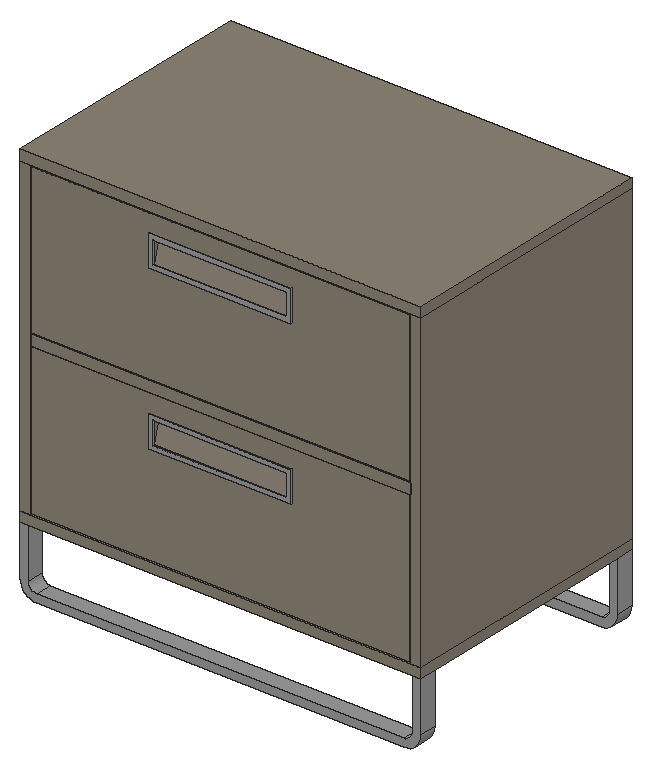
Revit family "Nightstand", category Furniture, Revit 2017
Family settings
  OmniClass Number = 23.40.20.00
  OmniClass Title = General Furniture and Specialties
  Work Plane-Based = No
  Always vertical = Yes
  Cut with Voids When Loaded = No
  Shared = No
  Room Calculation Point = No
Parameters
  frame = wood grain
  drawer fronts = wood grain
  Legs = brush nickel
Reference planes (in)
  plane 1 "Center Front/Back": y = 0
  plane 2: z = 0
  plane 3 "Center Left/Right": x = 0
  plane 4 "Back": y = 7.875
  plane 5 "Front": y = -7.875
  plane 6: z = 14
Forms (in)
  Extrusion 1, solid, material "wood grain" <- "frame"
    sketch origin (0, 0, 0) x (1, 0, 0) y (0, 1, 0)
      loop
        line (-12, 7.875) -> (-12, -7.875) -> (-11.375, -7.875) -> (-11.375, 7.25) -> (11.375, 7.25) -> (11.375, -7.875) -> (12, -7.875) -> (12, 7.875) -> (-12, 7.875)
    from 4.625 to 23.375
  Extrusion 2, solid, material "brush nickel" <- "Legs"
    sketch origin (0, -7.875, 0) x (-1, 0, 0) y (0, 0, 1)
      loop
        line (12, 4) -> (11.5, 4) -> (11.5, 1)
        arc (11.5, 1) -> (11.35355, 0.64645) -> (11, 0.5) r 0.5
        line (11, 0.5) -> (-11, 0.5)
        arc (-11, 0.5) -> (-11.35355, 0.64645) -> (-11.5, 1) r 0.5
        line (-11.5, 1) -> (-11.5, 4) -> (-12, 4) -> (-12, 1)
        arc (-12, 1) -> (-11.70711, 0.29289) -> (-11, 0) r 1
        line (-11, 0) -> (11, 0)
        arc (11, 0) -> (11.70711, 0.29289) -> (12, 1) r 1
        line (12, 1) -> (12, 4)
    from 0 to 1
  Extrusion 3, solid, material "brush nickel" <- "Legs"
    sketch origin (0, 7.875, 0) x (-1, 0, 0) y (0, 0, 1)
      loop
        arc (11, 0) -> (11.70711, 0.29289) -> (12, 1) r 1
        line (12, 1) -> (12, 4) -> (11.5, 4) -> (11.5, 1)
        arc (11.5, 1) -> (11.35355, 0.64645) -> (11, 0.5) r 0.5
        line (11, 0.5) -> (-11, 0.5)
        arc (-11, 0.5) -> (-11.35355, 0.64645) -> (-11.5, 1) r 0.5
        line (-11.5, 1) -> (-11.5, 4) -> (-12, 4) -> (-12, 1)
        arc (-12, 1) -> (-11.70711, 0.29289) -> (-11, 0) r 1
        line (-11, 0) -> (11, 0)
    from 0 to -1
  Extrusion 4, solid, material "wood grain" <- "frame"
    sketch origin (0, 0, 0) x (1, 0, 0) y (0, 1, 0)
      loop
        line (-12, 7.875) -> (-12, -7.875) -> (12, -7.875) -> (12, 7.875) -> (-12, 7.875)
    from 4 to 4.625
  Extrusion 5, solid, material "wood grain" <- "frame"
    sketch origin (0, 0, 0) x (1, 0, 0) y (0, 1, 0)
      loop
        line (-12, 7.875) -> (-12, -7.875) -> (12, -7.875) -> (12, 7.875) -> (-12, 7.875)
    from 23.375 to 24
  Extrusion 6, solid, material "wood grain" <- "frame"
    sketch origin (0, 0, 0) x (1, 0, 0) y (0, 1, 0)
      loop
        line (-11.375, -7.875) -> (11.375, -7.875) -> (11.375, -6.875) -> (-11.375, -6.875) -> (-11.375, -7.875)
    from 13.6875 to 14.3125
  Extrusion 7, solid, material "wood grain" <- "drawer fronts"
    sketch origin (0, -7.875, 0) x (-1, 0, 0) y (0, 0, 1)
      loop
        line (11.3125, 23.3125) -> (-11.3125, 23.3125) -> (-11.3125, 14.375) -> (11.3125, 14.375) -> (11.3125, 23.3125)
      loop
        line (11.3125, 4.6875) -> (11.3125, 13.625) -> (-11.3125, 13.625) -> (-11.3125, 4.6875) -> (11.3125, 4.6875)
    from 0 to 0.75
  Extrusion 8, solid, material "Default"
    sketch origin (0, 0, 0) x (1, 0, 0) y (0, 1, 0)
      loop
        line (-10.625, -7.125) -> (-10, -7.125) -> (-10, 4.25) -> (10, 4.25) -> (10, -7.125) -> (10.625, -7.125) -> (10.625, 4.875) -> (-10.625, 4.875) -> (-10.625, -7.125)
    from 15 to 22
  Extrusion 9, solid, material "Default"
    sketch origin (0, 0, 0) x (1, 0, 0) y (0, 1, 0)
      loop
        line (-10.625, -7.125) -> (-10, -7.125) -> (-10, 4.25) -> (10, 4.25) -> (10, -7.125) -> (10.625, -7.125) -> (10.625, 4.875) -> (-10.625, 4.875) -> (-10.625, -7.125)
    from 5.3125 to 12.3125
  Extrusion 10, solid, material "Default"
    sketch origin (0, -7.875, 0) x (-1, 0, 0) y (0, 0, 1)
      loop
        line (10, 15.3125) -> (10, 15.8125) -> (-10, 15.8125) -> (-10, 15.3125) -> (10, 15.3125)
      loop
        line (10, 5.625) -> (10, 6.125) -> (-10, 6.125) -> (-10, 5.625) -> (10, 5.625)
    from 0.75 to 12.125
  Extrusion 11, void
    sketch origin (0, 0, 0) x (0, 1, 0) y (0, 0, 1)
      loop
        line (-7.875, 22) -> (-8.125, 22) -> (-8.125, 20.63397) -> (-7.875, 20.63397) -> (-7.44199, 22.25) -> (-7.875, 22)
      loop
        line (-7.875, 12.3125) -> (-8.125, 12.3125) -> (-8.125, 10.94647) -> (-7.875, 10.94647) -> (-7.44199, 12.5625) -> (-7.875, 12.3125)
    from -4 to 4
  Extrusion 12, solid, material "brush nickel" <- "Legs"
    sketch origin (0, -7.875, 0) x (-1, 0, 0) y (0, 0, 1)
      loop
        line (4.25, 22.25) -> (-4.25, 22.25) -> (-4.25, 20.38397) -> (4.25, 20.38397) -> (4.25, 22.25)
      loop
        line (4.25, 12.5625) -> (-4.25, 12.5625) -> (-4.25, 10.69647) -> (4.25, 10.69647) -> (4.25, 12.5625)
      loop
        line (4, 22) -> (-4, 22) -> (-4, 20.63397) -> (4, 20.63397) -> (4, 22)
      loop
        line (4, 12.3125) -> (-4, 12.3125) -> (-4, 10.94647) -> (4, 10.94647) -> (4, 12.3125)
    from 0 to -0.0625
Cuts and joins
  Extrusion 11 cuts Extrusion 1
  Extrusion 11 cuts Extrusion 7
Lines and regions (in)
  reference lines
    curve 1: line (-13.18153, 7.875, 14.3125) -> (-8.68153, 7.875, 14.3125)
    curve 2: line (-13.18153, 7.875, 13.6875) -> (-8.68153, 7.875, 13.6875)
Dimensions and locks (in)
  aligned and locked: level to plane 2
